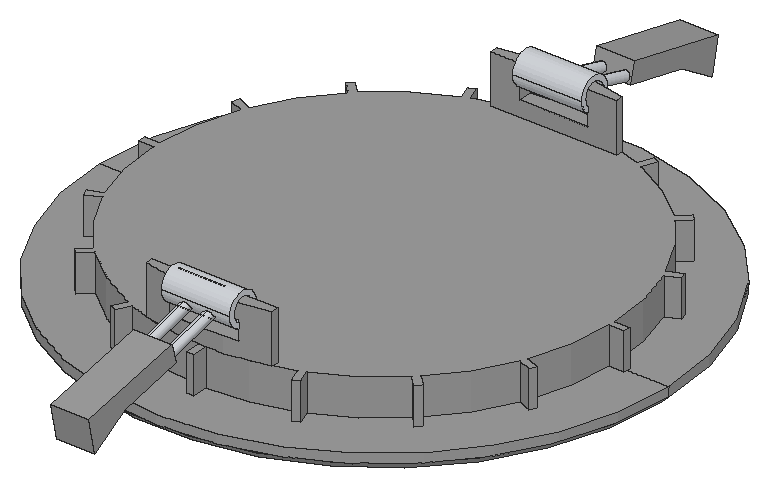
Revit family "Alcon-14133-4 -Revit-Family", category Lighting Fixtures, host Ceiling, Revit 2021
Family settings
  Host = Ceiling
  Round Connector Dimension = Use Diameter
  Part Type = Normal
  OmniClass Number = 23.80.70.11
  OmniClass Title = Luminaries for Internal Lighting
  Always vertical = Yes
  Cut with Voids When Loaded = No
  Light Source = Yes
  Shared = No
  Room Calculation Point = No
Parameters (values of type "Type 1")
  Wattage = 9.2903 W
  built-in parameter 1150110 = 1 (stored number, unit not read)
  built-in parameter 1114217 = 1 (stored number, unit not read)
  Tilt Angle = 90.00°
  built-in parameter 1150109 = 1 (stored number, unit not read)
  built-in parameter 1150134 = 3
  built-in parameter 1150113 = 1 (stored number, unit not read)
  built-in parameter 1010507 = 1.5708 (stored number, unit not read)
  built-in parameter 1010506 = 0.5236 (stored number, unit not read)
  Product Identity = "Alcon Lighting 14133-4"
  Metal = none
  Manufacturer = "Alcon Light"
  built-in parameter 1150105 = 4614.1 (stored number, unit not read)
  Lumens = 1380 lm
  built-in parameter 1150115 = 1 (stored number, unit not read)
  Link To Product Page = "https://www.alconlighting.com/14133-4.html"
  LightSource = light
  Reflector = Default metal
  Light Source Symbol Length = 10' - 0"
  built-in parameter 1150137 = (empty or 0)
  built-in parameter 1150139 = (empty or 0)
  Lens = Default
  built-in parameter 1150112 = 1 (stored number, unit not read)
  built-in parameter 1150114 = 1 (stored number, unit not read)
  built-in parameter 1150132 = (empty or 0)
  built-in parameter 1150102 = (empty or 0)
  built-in parameter 1150107 = 3200 (stored number, unit not read)
  built-in parameter 1150138 = (empty or 0)
  built-in parameter 1150106 = 46.141 (stored number, unit not read)
  Housing = Default
  Emit from Circle Diameter = 0' - 4"
  Emit Shape Visible in Rendering = no
  built-in parameter 1150104 = 13.8 (stored number, unit not read)
  Dimming Lamp Color Temperature Shift = <None>
  Default Elevation = 0' - 0"
  Color Filter = 16777215
  built-in parameter 1114218 = 1 (stored number, unit not read)
  built-in parameter 1150133 = 10 (stored number, unit not read)
Reference planes (in)
  plane 1 "Light Source Axis (F/B)": y = 0
  plane 2: z = 0
  plane 3 "Light Source Axis (L/R)": x = 0
  plane 4 "Ceiling": z = 157.73031
  plane 5 "Light Source Elevation": z = 157.96989
Forms (in)
  Extrusion 1, void
    sketch origin (0, 0, 157.73031) x (0, 1, 0) y (-1, 0, 0)
      loop
        circle (0, 0) r 2.5
    from -0.44379 to 0.09897
  Revolve 2, solid, material "Default" <- "Housing"
    sketch origin (-40.7589, 0, 309.32064) x (0.965926, 0, 0.258819) y (-0.258819, 0, 0.965926)
      loop
        line (-2.25691, -156.48328) -> (-1.44741, -156.70019) -> (-1.40987, -156.56008) -> (-2.2792, -156.32715) -> (-2.30071, -156.40741) -> (-2.25691, -156.48328)
      axis (0.13561, -156.97419) -> (0.09807, -157.1143)
    angle from 0 to 360
  Revolve 3, solid, material "Default" <- "Lens"
    sketch origin (-40.7589, 0, 6.38445) x (0.965926, 0, -0.258819) y (0.258819, 0, 0.965926)
      loop
        line (-1.31871, 156.2199) -> (0.22677, 156.63401) -> (0.19889, 156.73807) -> (-1.3466, 156.32395) -> (-1.31871, 156.2199)
      axis (0.22677, 156.63401) -> (0.19889, 156.73807)
    angle from 0 to 360
  Revolve 4, solid, material "light" <- "LightSource"
    sketch origin (-40.7589, 0, 6.38445) x (0.965926, 0, -0.258819) y (0.258819, 0, 0.965926)
      loop
        line (-1.37829, 156.44223) -> (0.16719, 156.85634) -> (0.13688, 156.96948) -> (-1.4086, 156.55537) -> (-1.37829, 156.44223)
      axis (0.16719, 156.85634) -> (0.13688, 156.96948)
    angle from 0 to 360
  Extrusion 5, solid, material "Default" <- "Housing"
    sketch origin (0, 0, 0) x (1, 0, 0) y (0, 0, 1)
      loop
        line (0.55098, 158.05228) -> (0.55098, 158.48008) -> (-0.55098, 158.48008) -> (-0.55098, 158.05228) -> (0.55098, 158.05228)
      loop
        line (0.30098, 158.35088) -> (-0.30098, 158.35088) -> (-0.30098, 158.18975) -> (0.30098, 158.18975) -> (0.30098, 158.35088)
    from 1.85938 to 2.06612
  Extrusion 6, solid, material "Default" <- "Housing"
    sketch origin (0, 0, 0) x (1, 0, 0) y (0, 0, -1)
      loop
        line (0.55098, -158.05228) -> (-0.55098, -158.05228) -> (-0.55098, -158.48008) -> (0.55098, -158.48008) -> (0.55098, -158.05228)
      loop
        line (0.30098, -158.35088) -> (0.30098, -158.18975) -> (-0.30098, -158.18975) -> (-0.30098, -158.35088) -> (0.30098, -158.35088)
    from 1.85938 to 2.06612
  Extrusion 7, void
    sketch origin (0, 0, 157.73031) x (0, 1, 0) y (-1, 0, 0)
      loop
        circle (0, 0) r 2
      loop
        circle (0, 0) r 2.43805
    from 0 to 0.74977
  Extrusion 8, solid, material <- "Metal"
    sketch origin (0, 0, 0) x (0, 1, 0) y (0, 0, 1)
      loop
        circle (-1.93042, 158.41612) r 0.10123
      loop
        circle (-1.93042, 158.41612) r 0.14236
    from -0.30098 to 0.30098
  Extrusion 9, solid, material "Default" <- "Housing"
    sketch origin (0, 135.73763, 72.76059) x (0, -0.532418, -0.846482) y (0, 0.846482, -0.532418)
      loop
        line (-1.53968, -158.32338) -> (-1.37615, -158.27338) -> (-1.57381, -157.73031) -> (-1.57381, -157.34466) -> (-1.85823, -157.44818) -> (-1.53968, -158.32338)
    from -0.16797 to 0.16797
  Extrusion 10, solid, material <- "Metal"
    sketch origin (0, 2.91346, 158.06481) x (0, 0.261675, 0.965156) y (-1, 0, 0)
      loop
        circle (0.05869, 0.09783) r 0.04098
      loop
        circle (0.05869, -0.10564) r 0.04098
    from 0.43765 to 0.91861
  Extrusion 11, solid, material <- "Metal"
    sketch origin (0, 0, 0) x (0, -1, 0) y (0, 0, -1)
      loop
        circle (-1.93042, -158.41612) r 0.10123
      loop
        circle (-1.93042, -158.41612) r 0.14236
    from -0.30098 to 0.30098
  Extrusion 12, solid, material "Default" <- "Housing"
    sketch origin (0, -135.73763, 72.76059) x (0, 0.532418, -0.846482) y (0, 0.846482, 0.532418)
      loop
        line (-1.53968, 158.32338) -> (-1.85823, 157.44818) -> (-1.57381, 157.34466) -> (-1.57381, 157.73031) -> (-1.37615, 158.27338) -> (-1.53968, 158.32338)
    from -0.16797 to 0.16797
  Extrusion 13, solid, material <- "Metal"
    sketch origin (0, -2.91346, 158.06481) x (0, -0.261675, 0.965156) y (1, 0, 0)
      loop
        circle (0.05869, -0.09783) r 0.04098
      loop
        circle (0.05869, 0.10564) r 0.04098
    from 0.43765 to 0.91861
  Extrusion 14, void
    sketch origin (0, 0, 157.82929) x (-1, 0, 0) y (0, 1, 0)
      loop
        circle (0, 0) r 1.6
    from -0.1406 to 0.09897
  Extrusion 15, solid, material "Default" <- "Housing"
    sketch origin (0, 0, 157.82929) x (-1, 0, 0) y (0, 1, 0)
      loop
        arc (1.99976, 0.03125) -> (1.96071, 0.39446) -> (1.85626, 0.74451) r 2
        line (1.85626, 0.74451) -> (1.97888, 0.79593)
        arc (1.97888, 0.79593) -> (1.967, 0.82483) -> (1.95471, 0.85356) r 2.13294
        line (1.95471, 0.85356) -> (1.83209, 0.80215)
        arc (1.83209, 0.80215) -> (1.66051, 1.11477) -> (1.43614, 1.39194) r 2
        line (1.43614, 1.39194) -> (1.53015, 1.48596)
        arc (1.53015, 1.48596) -> (1.50822, 1.50822) -> (1.48596, 1.53015) r 2.13294
        line (1.48596, 1.53015) -> (1.39194, 1.43614)
        arc (1.39194, 1.43614) -> (1.10751, 1.66536) -> (0.78613, 1.83902) r 2
        line (0.78613, 1.83902) -> (0.83647, 1.96208)
        arc (0.83647, 1.96208) -> (0.80764, 1.97413) -> (0.77863, 1.98575) r 2.13294
        line (0.77863, 1.98575) -> (0.72828, 1.86269)
        arc (0.72828, 1.86269) -> (0.3859, 1.96242) -> (0.03125, 1.99976) r 2
        line (0.03125, 1.99976) -> (0.03125, 2.13271)
        arc (0.03125, 2.13271) -> (0, 2.13294) -> (-0.03125, 2.13271) r 2.13294
        line (-0.03125, 2.13271) -> (-0.03125, 1.99976)
        arc (-0.03125, 1.99976) -> (-0.3859, 1.96242) -> (-0.72828, 1.86269) r 2
        line (-0.72828, 1.86269) -> (-0.77863, 1.98575)
        arc (-0.77863, 1.98575) -> (-0.80764, 1.97413) -> (-0.83647, 1.96208) r 2.13294
        line (-0.83647, 1.96208) -> (-0.78613, 1.83902)
        arc (-0.78613, 1.83902) -> (-1.10751, 1.66536) -> (-1.39194, 1.43614) r 2
        line (-1.39194, 1.43614) -> (-1.48596, 1.53015)
        arc (-1.48596, 1.53015) -> (-1.50822, 1.50822) -> (-1.53015, 1.48596) r 2.13294
        line (-1.53015, 1.48596) -> (-1.43614, 1.39194)
        arc (-1.43614, 1.39194) -> (-1.66051, 1.11477) -> (-1.83209, 0.80215) r 2
        line (-1.83209, 0.80215) -> (-1.95471, 0.85356)
        arc (-1.95471, 0.85356) -> (-1.967, 0.82483) -> (-1.97888, 0.79593) r 2.13294
        line (-1.97888, 0.79593) -> (-1.85626, 0.74451)
        arc (-1.85626, 0.74451) -> (-1.96071, 0.39446) -> (-1.99976, 0.03125) r 2
        line (-1.99976, 0.03125) -> (-2.13271, 0.03125)
        arc (-2.13271, 0.03125) -> (-2.13294, 0) -> (-2.13271, -0.03125) r 2.13294
        line (-2.13271, -0.03125) -> (-1.99976, -0.03125)
        arc (-1.99976, -0.03125) -> (-1.96071, -0.39446) -> (-1.85626, -0.74451) r 2
        line (-1.85626, -0.74451) -> (-1.97888, -0.79593)
        arc (-1.97888, -0.79593) -> (-1.967, -0.82483) -> (-1.95471, -0.85356) r 2.13294
        line (-1.95471, -0.85356) -> (-1.83209, -0.80215)
        arc (-1.83209, -0.80215) -> (-1.66051, -1.11477) -> (-1.43614, -1.39194) r 2
        line (-1.43614, -1.39194) -> (-1.53015, -1.48596)
        arc (-1.53015, -1.48596) -> (-1.50822, -1.50822) -> (-1.48596, -1.53015) r 2.13294
        line (-1.48596, -1.53015) -> (-1.39194, -1.43614)
        arc (-1.39194, -1.43614) -> (-1.10751, -1.66536) -> (-0.78613, -1.83902) r 2
        line (-0.78613, -1.83902) -> (-0.83647, -1.96208)
        arc (-0.83647, -1.96208) -> (-0.80764, -1.97413) -> (-0.77863, -1.98575) r 2.13294
        line (-0.77863, -1.98575) -> (-0.72828, -1.86269)
        arc (-0.72828, -1.86269) -> (-0.3859, -1.96242) -> (-0.03125, -1.99976) r 2
        line (-0.03125, -1.99976) -> (-0.03125, -2.13271)
        arc (-0.03125, -2.13271) -> (0, -2.13294) -> (0.03125, -2.13271) r 2.13294
        line (0.03125, -2.13271) -> (0.03125, -1.99976)
        arc (0.03125, -1.99976) -> (0.3859, -1.96242) -> (0.72828, -1.86269) r 2
        line (0.72828, -1.86269) -> (0.77863, -1.98575)
        arc (0.77863, -1.98575) -> (0.80764, -1.97413) -> (0.83647, -1.96208) r 2.13294
        line (0.83647, -1.96208) -> (0.78613, -1.83902)
        arc (0.78613, -1.83902) -> (1.10751, -1.66536) -> (1.39194, -1.43614) r 2
        line (1.39194, -1.43614) -> (1.48596, -1.53015)
        arc (1.48596, -1.53015) -> (1.50822, -1.50822) -> (1.53015, -1.48596) r 2.13294
        line (1.53015, -1.48596) -> (1.43614, -1.39194)
        arc (1.43614, -1.39194) -> (1.66051, -1.11477) -> (1.83209, -0.80215) r 2
        line (1.83209, -0.80215) -> (1.95471, -0.85356)
        arc (1.95471, -0.85356) -> (1.967, -0.82483) -> (1.97888, -0.79593) r 2.13294
        line (1.97888, -0.79593) -> (1.85626, -0.74451)
        arc (1.85626, -0.74451) -> (1.96071, -0.39446) -> (1.99976, -0.03125) r 2
        line (1.99976, -0.03125) -> (2.13271, -0.03125)
        arc (2.13271, -0.03125) -> (2.13294, 0) -> (2.13271, 0.03125) r 2.13294
        line (2.13271, 0.03125) -> (1.99976, 0.03125)
    from -0.22299 to 0.09897
Cuts and joins
  Extrusion 7 cuts Extrusion 5
  Extrusion 7 cuts Extrusion 6
Dimensions and locks (in)
  equal spacing: host sketch curve, plane 3 "Light Source Axis (L/R)", host sketch curve
  equal spacing: host sketch curve, plane 1 "Light Source Axis (F/B)", host sketch curve
  host sketch curve to host sketch curve = 13' - 1.48031"  (x2)
  host ceiling to plane 4 "Ceiling" = 0' - 0"
